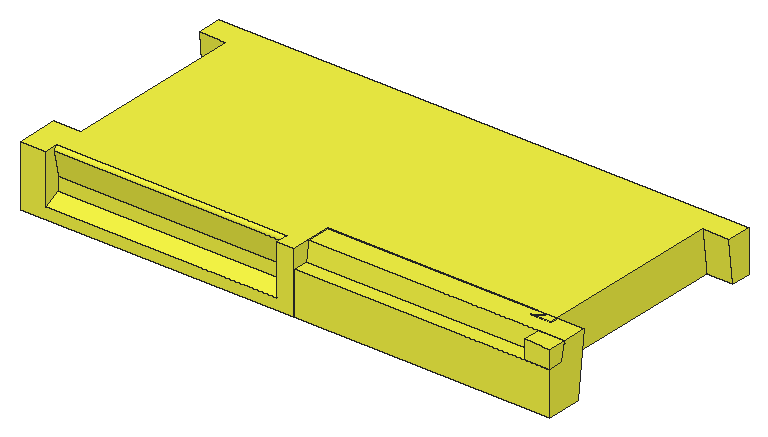
Revit family "Сборная площадка 1.151.1-8.1", category Каркас несущий, Revit 2016
Family settings
  Округление длины несущего каркаса = 0 мм
  Форма сечения = Не задано
  Материал для поведения модели = Прочее
  Всегда экспортировать в виде геометрии = Нет
  На основе рабочей плоскости = Нет
  Всегда вертикально = Да
  При загрузке вырезать с полостями = Нет
  Условное обозначение = Из семейства
  Общий = Нет
  Показывать семейство разрезанным на планах = Да
Parameters (values of type "2ЛП 25-12-4-к")
  Ширина B = 1300 mm
  Описание = "2ЛП 25-12-4-к"
  Structural Material [instance] = Бетон В15, F50, W4
  Масса = 1160
  Изготовитель = "серия 1.152.1-8.1 3000"
  Длина L = 2500 mm
Types (2, lengths in mm): name | Ширина B | Описание | Масса | Изготовитель
  2ЛП 25-12-4-к | 1300 | "2ЛП 25-12-4-к" | 1160 | "серия 1.152.1-8.1 3000"
  2ЛП 25-15-4-к | 1600 | "2ЛП 25-15-4-к" | 1345 | "серия 1.152.1-8.1 3000-01"
Reference planes
  plane 1 "По центру (Вперед/Назад)": y = 0
  plane 2: z = 0
  plane 3 "По центру (Влево/Вправо)": x = 0
  plane 4 "Слева": x = -1250
  plane 5 "Справа": x = 1250
  plane 6 "грань": y = 1300
  plane 7: z = -220
  plane 8: z = -320
  plane 9 "Левая грань": x = -1390
  plane 10 "Правая грань": x = 1390
  plane 11: y = 1200
  plane 12: z = -90
  plane 13: y = 1185
  plane 14: y = 180
  plane 15 "111": y = 210
  plane 16: x = -1170
  plane 17: x = -1155
  plane 18: x = -45
  plane 19: x = 45
  plane 20: x = -1255
  plane 21: x = 1255
Forms (mm)
  Extrusion 1, solid, material "Бетон В15, F50, W4" <- "Structural Material"
    sketch origin (1390, 0, 0) x (0, 1, 0) y (0, 0, 1)
      loop
        line (1300, -220) -> (1300, 0) -> (1174.615, 0) -> (1200, -220) -> (1300, -220)
    from 0 to -2780
  Extrusion 2, solid, material "Бетон В15, F50, W4" <- "Structural Material"
    sketch origin (1390, 0, 0) x (0, 1, 0) y (0, 0, 1)
      loop
        line (0, -320) -> (180, -320) -> (221.739, 0) -> (70, 0)
        arc (70, 0) -> (55.858, -5.858) -> (50, -20) r 20
        line (50, -20) -> (80, -150) -> (80, -220) -> (0, -260) -> (0, -320)
    from -1435 to -2780
  Extrusion 3, solid, material "Бетон В15, F50, W4" <- "Structural Material"
    sketch origin (0, 210, 0) x (0, 0, -1) y (1, 0, 0)
      loop
        line (0, -1250) -> (220, -1250) -> (220, -1170) -> (0, -1144.615) -> (0, -1250)
    from 30 to -990
  Extrusion 4, solid, material "Бетон В15, F50, W4" <- "Structural Material"
    sketch origin (0, 210, 0) x (0, 0, -1) y (1, 0, 0)
      loop
        line (0, 1250) -> (0, 1144.615) -> (220, 1170) -> (220, 1250) -> (0, 1250)
    from 30 to -990
  Extrusion 5, solid, material "Бетон В15, F50, W4" <- "Structural Material"
    sketch origin (1250, 0, 0) x (0, 1, 0) y (0, 0, 1)
      loop
        line (210, -90) -> (1185, -90) -> (1174.615, 0) -> (221.739, 0) -> (210, -90)
    from 0 to -2500
  Extrusion 6, solid, material "Бетон В15, F50, W4" <- "Structural Material"
    sketch origin (-35, 0, 0) x (0, 1, 0) y (0, 0, 1)
      loop
        line (0, 0) -> (0, -320) -> (180, -320) -> (221.739, 0) -> (0, 0)
    from -10 to 80
  Extrusion 7, solid, material "Бетон В15, F50, W4" <- "Structural Material"
    sketch origin (1535, 0, 0) x (0, 1, 0) y (0, 0, -1)
      loop
        line (0, 0) -> (70, 0)
        arc (70, 0) -> (55.858, 5.858) -> (50, 20) r 20
        line (50, 20) -> (80, 150) -> (80, 220) -> (0, 260) -> (0, 0)
    from 2790 to 2925
  Extrusion 8, solid, material "Бетон В15, F50, W4" <- "Structural Material"
    sketch origin (-1390, 0, 0) x (0, 1, 0) y (0, 0, 1)
      loop
        line (0, -320) -> (180, -320) -> (221.739, 0) -> (95, 0) -> (80, -95) -> (0, -95) -> (0, -320)
    from 1435 to 2780
  Extrusion 9, solid, material "Бетон В15, F50, W4" <- "Structural Material"
    sketch origin (-855, 0, 0) x (0, 1, 0) y (0, 0, 1)
      loop
        line (0, 0) -> (0, -95) -> (80, -95) -> (95, 0) -> (0, 0)
    from 2110 to 2245
Cuts and joins
  joined: Extrusion 1, Extrusion 2, Extrusion 3, Extrusion 4, Extrusion 5, Extrusion 6, Extrusion 7
Dimensions and locks
  equal spacing: plane 4 "Слева", plane 3 "По центру (Влево/Вправо)", plane 5 "Справа"
  "Длина L": plane 4 "Слева" to plane 5 "Справа"
  "Ширина B": plane 1 "По центру (Вперед/Назад)" to plane 6 "грань"
  locked: plane 9 "Левая грань" to plane 4 "Слева" at 140
  locked: plane 5 "Справа" to plane 10 "Правая грань" at 140
  Extrusion 2 sketch curve to Extrusion 2 sketch curve to Extrusion 2 sketch curve to plane 8 = 70 mm locked, 40 mm locked, 60 mm locked
  locked: plane 1 "По центру (Вперед/Назад)" to Extrusion 2 sketch curve at 50
  locked: plane 1 "По центру (Вперед/Назад)" to Extrusion 2 sketch curve at 80
  plane 18 to plane 3 "По центру (Влево/Вправо)" to plane 19 = 45 mm locked, 45 mm locked
  locked: plane 9 "Левая грань" to plane 20 at 135
  locked: plane 21 to plane 10 "Правая грань" at 135
  plane 13 to plane 11 to plane 6 "грань" = 15 mm locked, 100 mm locked
  locked: Extrusion 8 sketch curve to Extrusion 8 sketch curve at 15
  Extrusion 2 to plane 1 "По центру (Вперед/Назад)" = 80 mm
  aligned and locked: level to plane 2
  aligned and locked: plane 7 to Extrusion 1 sketch curve
  aligned and locked: plane 6 "грань" to Extrusion 1 sketch curve
  aligned and locked: Extrusion 1 sketch curve to plane 2
  aligned and locked: plane 10 "Правая грань" to Extrusion 1
  aligned and locked: Extrusion 1 to plane 9 "Левая грань"
  aligned and locked: Extrusion 2 sketch curve to plane 8
  aligned and locked: Extrusion 2 sketch curve to plane 1 "По центру (Вперед/Назад)"
  aligned and locked: Extrusion 2 sketch curve to plane 2
  aligned and locked: Extrusion 3 sketch curve to plane 7
  aligned and locked: Extrusion 3 sketch curve to plane 4 "Слева"
  aligned and locked: Extrusion 3 sketch curve to plane 2
  aligned and locked: plane 14 to Extrusion 3
  aligned and locked: plane 14 to Extrusion 4
  aligned and locked: plane 5 "Справа" to Extrusion 4
  aligned and locked: Extrusion 3 to plane 4 "Слева"
  aligned and locked: Extrusion 5 sketch curve to plane 12
  aligned and locked: plane 2 to Extrusion 5 sketch curve
  aligned and locked: plane 5 "Справа" to Extrusion 5
  aligned and locked: Extrusion 5 to plane 4 "Слева"
  aligned and locked: plane 2 to Extrusion 6 sketch curve
  aligned and locked: plane 1 "По центру (Вперед/Назад)" to Extrusion 6 sketch curve
  aligned and locked: Extrusion 6 sketch curve to plane 8
  aligned and locked: plane 18 to Extrusion 6
  aligned and locked: plane 19 to Extrusion 6
  aligned and locked: plane 1 "По центру (Вперед/Назад)" to Extrusion 7 sketch curve
  aligned and locked: plane 2 to Extrusion 7 sketch curve
  aligned and locked: plane 11 to Extrusion 3
  aligned and locked: plane 11 to Extrusion 4
  aligned and locked: plane 6 "грань" to cut or joined group of Extrusion 1, Extrusion 2, Extrusion 3, Extrusion 4, Extrusion 5, Extrusion 6, Extrusion 7
  aligned and locked: plane 10 "Правая грань" to Extrusion 8
  aligned and locked: Extrusion 2 to plane 9 "Левая грань"
  aligned and locked: Extrusion 2 to Extrusion 6
  aligned and locked: Extrusion 8 to plane 19
  aligned and locked: Extrusion 7 to plane 9 "Левая грань"
  aligned and locked: plane 20 to Extrusion 7
  aligned and locked: plane 10 "Правая грань" to Extrusion 9
  aligned and locked: plane 21 to Extrusion 9
Automatic sketch dimensions
  Extrusion 1 sketch curve to plane 11 = 0 mm
  Extrusion 1 sketch curve to plane 13 = 10.385 mm
  Extrusion 2 sketch curve to plane 14 = 0 mm
  Extrusion 2 sketch curve to Extrusion 2 sketch curve = 20 mm
  Extrusion 2 sketch curve to plane 15 "111" = 11.739 mm
  Extrusion 3 sketch curve to plane 16 = 0 mm
  plane 17 to Extrusion 3 sketch curve = 10.385 mm
  Extrusion 4 sketch curve to level = 0 mm
  Extrusion 4 sketch curve to plane 7 = 0 mm
  Extrusion 4 sketch curve to plane 5 "Справа" = 0 mm
  plane 5 "Справа" to Extrusion 4 sketch curve = 80 mm
  plane 5 "Справа" to Extrusion 4 sketch curve = 105.385 mm
  Extrusion 5 sketch curve to plane 15 "111" = 0 mm
  Extrusion 5 sketch curve to plane 13 = 0 mm
  Extrusion 5 sketch curve to plane 15 "111" = 11.739 mm
  Extrusion 5 sketch curve to plane 13 = 10.385 mm
  Extrusion 6 sketch curve to plane 14 = 0 mm
  Extrusion 6 sketch curve to plane 15 "111" = 11.739 mm
  Extrusion 7 sketch curve to level = 0 mm
  Extrusion 7 sketch curve to plane 7 = 0 mm
  Extrusion 7 sketch curve to level = 20 mm
  Extrusion 7 sketch curve to plane 1 "По центру (Вперед/Назад)" = 50 mm
  Extrusion 7 sketch curve to plane 1 "По центру (Вперед/Назад)" = 80 mm
  Extrusion 7 sketch curve to plane 12 = 60 mm
  Extrusion 7 sketch curve to plane 7 = 40 mm
  Extrusion 7 sketch curve to Extrusion 7 sketch curve = 0 mm
  Extrusion 8 sketch curve to plane 1 "По центру (Вперед/Назад)" = 0 mm
  Extrusion 8 sketch curve to level = 0 mm
  Extrusion 8 sketch curve to plane 8 = 0 mm
  Extrusion 8 sketch curve to plane 14 = 0 mm
  Extrusion 8 sketch curve to plane 12 = 5 mm
  Extrusion 8 sketch curve to Extrusion 8 sketch curve = 80 mm
  Extrusion 8 sketch curve to plane 15 "111" = 11.739 mm
  Extrusion 9 sketch curve to plane 1 "По центру (Вперед/Назад)" = 0 mm
  Extrusion 9 sketch curve to level = 0 mm
  Extrusion 9 sketch curve to plane 12 = 5 mm
  Extrusion 9 sketch curve to Extrusion 9 sketch curve = 80 mm
  plane 14 to Extrusion 9 sketch curve = 85 mm
